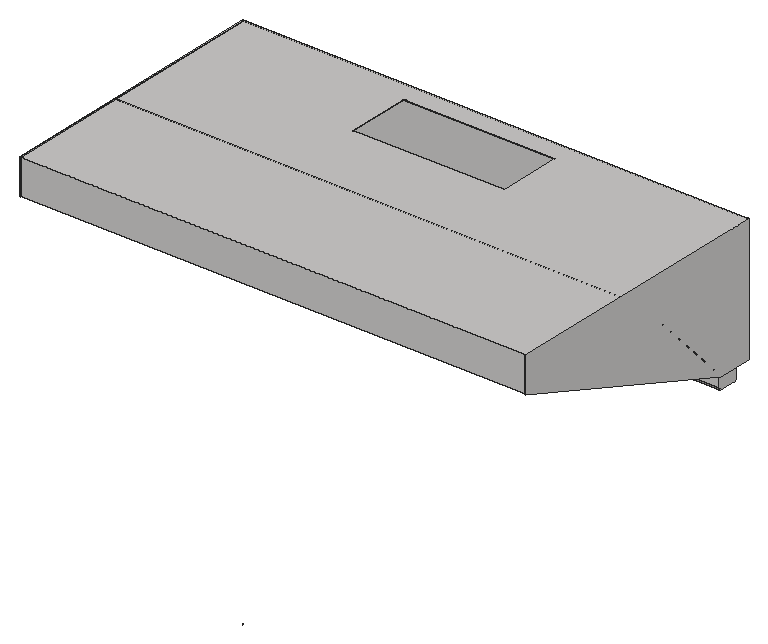
Revit family "QF_ELECTROLUXPROFESSIONAL_642091_MP1120DT", category Specialty Equipment, Revit 2014
Reference planes
  plane 1 "Center (Front/Back)": y = 0
  plane 2: z = 0
  plane 3 "Center (Left/Right)": x = 150
  plane 4 "LEFT": x = -850
  plane 5 "RIGHT": x = 1150
  plane 6 "BACK": y = 550
  plane 7 "FRONT": y = -550
  plane 8 "Plane": z = 2000
  plane 9 "TOP": z = 2140
  plane 10 "Base": z = 1640
  plane 11: z = 1566
  plane 12 "DrainY": y = 485
  plane 13: x = -847
  plane 14: through (0, 414.509, 1640.8) normal (0, 0.7314, 0.682)
  plane 15: y = 470
  plane 16: y = 220
  plane 17 "DrainX": x = 1030
  plane 18: x = -150
  plane 19: x = 450
  plane 20: x = 1147
  plane 21: x = 940
  plane 22: x = 1120
  plane 23: x = -810
  plane 24: x = 1110
  plane 25: x = -47.5
  plane 26: x = 347.5
Forms (mm)
  Extrusion 1, solid, material "QF_Finishes_Stainless Steel"
    sketch origin (-850, 0, 0) x (0, 1, 0) y (0, 0, 1)
      loop
        line (550, 1640) -> (550, 2140) -> (-550, 2140) -> (-550, 1999.112) -> (413.973, 1640) -> (550, 1640)
    from 0 to 3
  Extrusion 2, solid, material "QF_Finishes_Stainless Steel"
    sketch origin (150, 0, 0) x (0, 1, 0) y (0, 0, 1)
      loop
        line (415.255, 1640) -> (550, 1640) -> (550, 2139.19) -> (549.2, 2139.19) -> (549.2, 1640.8) -> (415.876, 1640.8) -> (339.347, 1722.867) -> (349.609, 1732.436) -> (348.927, 1733.167) -> (337.934, 1722.917) -> (415.255, 1640)
      loop
        line (-82.203, 2139.19) -> (-82.203, 2118.6) -> (-31.047, 2118.6) -> (34.354, 2048.466) -> (46.028, 2059.352) -> (45.346, 2060.083) -> (34.403, 2049.879) -> (-30.612, 2119.6) -> (-81.203, 2119.6) -> (-81.203, 2139.19) -> (-82.203, 2139.19)
    from -997 to 997
  Extrusion 3, solid, material "QF_Finishes_Stainless Steel"
    sketch origin (1150, 0, 0) x (0, 1, 0) y (0, 0, 1)
      loop
        line (550, 1640) -> (550, 2140) -> (-550, 2140) -> (-550, 1999.112) -> (413.973, 1640) -> (550, 1640)
    from 0 to -3
  Extrusion 4, solid, material "QF_Finishes_Stainless Steel"
    sketch origin (150, 0, 0) x (0, 1, 0) y (0, 0, 1)
      loop
        line (-550, 2140) -> (-550, 2000) -> (-549.2, 2000) -> (-549.2, 2139.19) -> (550, 2139.19) -> (550, 2140) -> (-550, 2140)
    from -1000 to 1000
  Extrusion 5, solid, material "QF_Finishes_Stainless Steel"
    sketch origin (150, 0, 0) x (0, 1, 0) y (0, 0, 1)
      loop
        line (534, 1640) -> (436, 1640) -> (436, 1627) -> (443.5, 1627) -> (443.5, 1576)
        arc (443.5, 1576) -> (446.429, 1568.929) -> (453.5, 1566) r 10
        line (453.5, 1566) -> (516.5, 1566)
        arc (516.5, 1566) -> (523.571, 1568.929) -> (526.5, 1576) r 10
        line (526.5, 1576) -> (526.5, 1627) -> (534, 1627) -> (534, 1640)
    from 790 to 970
  Extrusion 6, solid, material "QF_Finishes_Stainless Steel"
    sketch origin (0, 0, 1640) x (0, 1, 0) y (-1, 0, 0)
      loop
        circle (485, -1030) r 20
    from -76 to -74
  Extrusion 7, solid, material "QF_Finished_Chrome"
    sketch origin (150, 0, 0) x (0, 1, 0) y (0, 0, 1)
      loop
        line (337.934, 1722.917) -> (341.591, 1726.327) -> (38.011, 2051.876) -> (34.354, 2048.466) -> (337.934, 1722.917)
    from -197.5 to -960
  Extrusion 8, solid, material "QF_Finishes_Stainless Steel"
    sketch origin (150, 0, 0) x (0, 1, 0) y (0, 0, 1)
      loop
        line (337.934, 1722.917) -> (341.591, 1726.327) -> (38.011, 2051.876) -> (34.354, 2048.466) -> (337.934, 1722.917)
    from 997 to 960
  Extrusion 9, solid, material "QF_Finished_Chrome"
    sketch origin (150, 0, 0) x (0, 1, 0) y (0, 0, 1)
      loop
        line (341.588, 1726.324) -> (38.009, 2051.874) -> (34.354, 2048.466) -> (337.934, 1722.917) -> (341.588, 1726.324)
    from 197.5 to 960
  Extrusion 10, void
    sketch origin (0, 0, 2140) x (0, 1, 0) y (-1, 0, 0)
      loop
        line (470, -450) -> (470, 150) -> (220, 150) -> (220, -450) -> (470, -450)
    from 0 to -10
  Extrusion 11, solid, material "QF_Finishes_Stainless Steel"
    sketch origin (0, 0, 0) x (1, 0, 0) y (0, 1, 0)
      loop
        line (-850, 550) -> (-850, 549) -> (-849, 549) -> (-849, 550) -> (-850, 550)
    from 0 to 1
  Extrusion 12, solid, material "QF_Finishes_Stainless Steel"
    sketch origin (150, 0, 0) x (0, 1, 0) y (0, 0, 1)
      loop
        line (337.934, 1722.917) -> (341.591, 1726.327) -> (38.011, 2051.876) -> (34.354, 2048.466) -> (337.934, 1722.917)
    from -960 to -997
  Extrusion 13, solid, material "QF_Finishes_Stainless Steel"
    sketch origin (150, 0, 0) x (0, 1, 0) y (0, 0, 1)
      loop
        line (337.934, 1722.917) -> (341.591, 1726.327) -> (38.011, 2051.876) -> (34.354, 2048.466) -> (337.934, 1722.917)
    from 197.5 to -197.5
Cuts and joins
  Extrusion 10 cuts Extrusion 4
  joined: Extrusion 2, Extrusion 4
Lines and regions (mm)
  reference lines
    curve 1: line (150, 34.354, 2048.466) -> (150, 34.354, 1888.466)
  symbolic lines, style "SpecialityEquipment", detail levels coarse
    curve 2: line (1150, 550, 2140) -> (-850, 550, 2140)
    curve 3: line (-850, 550, 2140) -> (-850, -550, 2140)
    curve 4: line (1150, -550, 2140) -> (1150, 550, 2140)
    curve 5: line (-850, -550, 2140) -> (1150, -550, 2140)
    curve 6: line (450, 220, 2140) -> (-150, 220, 2140)
    curve 7: line (450, 470, 2140) -> (450, 220, 2140)
    curve 8: line (-150, 470, 2140) -> (450, 470, 2140)
    curve 9: line (-150, 220, 2140) -> (-150, 470, 2140)
    curve 10: line (-850, -550, 0) -> (1150, 550, 0)
    curve 11: line (-850, 550, 0) -> (1150, -550, 0)
Dimensions and locks
  plane 4 "LEFT" to plane 5 "RIGHT" = 2000 mm
  equal spacing: plane 4 "LEFT", plane 3 "Center (Left/Right)", plane 5 "RIGHT"
  locked: plane 8 "Plane" to level at 2000
  plane 9 "TOP" to plane 8 "Plane" = 140 mm
  locked: plane 9 "TOP" to plane 10 "Base" at 500
  plane 10 "Base" to plane 11 = 74 mm
  plane 6 "BACK" to plane 12 "DrainY" = 65 mm  (x2)
  plane 4 "LEFT" to plane 13 = 3 mm
  plane 6 "BACK" to plane 15 = 80 mm
  plane 15 to plane 16 = 250 mm  (x2)
  plane 17 "DrainX" to plane 5 "RIGHT" = 120 mm
  plane 20 to plane 5 "RIGHT" = 3 mm
  locked: plane 21 to plane 17 "DrainX" at 90
  locked: plane 17 "DrainX" to plane 22 at 90
  plane 6 "BACK" to plane 7 "FRONT" = 1100 mm  (x2)
  equal spacing: plane 6 "BACK", plane 1 "Center (Front/Back)", plane 7 "FRONT"
  plane 16 to plane 7 "FRONT" = 770 mm
  plane 15 to plane 6 "BACK" = 80 mm
  locked: plane 4 "LEFT" to plane 23 at 40
  locked: plane 24 to plane 5 "RIGHT" at 40
  locked: plane 25 to plane 26 at 395
  equal spacing: plane 25, plane 3 "Center (Left/Right)", plane 26
  locked: plane 18 to plane 19 at 600
  equal spacing: plane 18, plane 3 "Center (Left/Right)", plane 19
  aligned and locked: level to plane 2
  aligned and locked: Extrusion 2 to Extrusion 1
  aligned and locked: Extrusion 2 to Extrusion 3
  aligned and locked: plane 5 "RIGHT" to Extrusion 4
  aligned and locked: Extrusion 4 to plane 4 "LEFT"
  aligned and locked: plane 20 to Extrusion 8
  aligned and locked: Extrusion 10 to plane 18
  aligned and locked: Extrusion 10 to plane 16
  aligned and locked: Extrusion 10 to plane 15
  aligned and locked: Extrusion 2 to Extrusion 4
  aligned and locked: plane 22 to Extrusion 5
  aligned and locked: Extrusion 5 to plane 21
  aligned and locked: Extrusion 8 to plane 24
  aligned and locked: Extrusion 9 to plane 24
  aligned and locked: Extrusion 7 to plane 23
  aligned and locked: Extrusion 12 to plane 13
  aligned and locked: plane 23 to Extrusion 12
  aligned and locked: Extrusion 3 to plane 20
  aligned and locked: Extrusion 10 to plane 19
  aligned and locked: plane 19 to curve 7
  aligned and locked: plane 26 to Extrusion 13
  aligned and locked: Extrusion 13 to plane 25
  aligned and locked: Extrusion 9 to plane 26
Automatic sketch dimensions
  curve 5 to plane 5 "RIGHT" = 0 mm
  curve 5 to plane 7 "FRONT" = 0 mm
  curve 6 to plane 16 = 0 mm
  plane 15 to curve 8 = 0 mm
  curve 3 to plane 4 "LEFT" = 0 mm
  curve 3 to plane 6 "BACK" = 0 mm
  curve 6 to plane 18 = 0 mm
  Extrusion 1 sketch curve to plane 7 "FRONT" = 0 mm
  Extrusion 1 sketch curve to plane 10 "Base" = 0 mm
  Extrusion 1 sketch curve to plane 6 "BACK" = 0 mm
  Extrusion 1 sketch curve to plane 9 "TOP" = 0 mm
  plane 15 to Extrusion 1 sketch curve = 56.027 mm
  Extrusion 1 sketch curve to plane 8 "Plane" = 0.888 mm
  Extrusion 2 sketch curve to plane 14 = 0 mm  (x3)
  Extrusion 2 sketch curve to plane 10 "Base" = 0 mm
  plane 14 to Extrusion 2 sketch curve = 0 mm
  Extrusion 2 sketch curve to plane 6 "BACK" = 0 mm
  Extrusion 2 sketch curve to Extrusion 2 sketch curve = 65.646 mm
  Extrusion 2 sketch curve to Extrusion 2 sketch curve = 0.682 mm  (x2)
  Extrusion 2 sketch curve to Extrusion 2 sketch curve = 10.261 mm
  plane 10 "Base" to Extrusion 2 sketch curve = 82.917 mm
  Extrusion 2 sketch curve to plane 1 "Center (Front/Back)" = 46.028 mm
  Extrusion 2 sketch curve to Extrusion 2 sketch curve = 10.942 mm
  Extrusion 2 sketch curve to Extrusion 2 sketch curve = 0.049 mm
  Extrusion 2 sketch curve to plane 9 "TOP" = 20.4 mm
  Extrusion 2 sketch curve to plane 9 "TOP" = 21.4 mm
  Extrusion 2 sketch curve to plane 9 "TOP" = 0.81 mm  (x2)
  Extrusion 2 sketch curve to Extrusion 2 sketch curve = 50.156 mm
  Extrusion 2 sketch curve to Extrusion 2 sketch curve = 1 mm
  plane 10 "Base" to Extrusion 2 sketch curve = 0.8 mm
  Extrusion 2 sketch curve to plane 6 "BACK" = 0.8 mm
  Extrusion 3 sketch curve to plane 7 "FRONT" = 0 mm
  Extrusion 3 sketch curve to plane 10 "Base" = 0 mm
  Extrusion 3 sketch curve to plane 6 "BACK" = 0 mm
  Extrusion 3 sketch curve to plane 9 "TOP" = 0 mm
  plane 15 to Extrusion 3 sketch curve = 56.027 mm
  Extrusion 3 sketch curve to plane 8 "Plane" = 0.888 mm
  Extrusion 4 sketch curve to plane 7 "FRONT" = 0 mm
  Extrusion 4 sketch curve to plane 8 "Plane" = 0 mm
  Extrusion 4 sketch curve to plane 6 "BACK" = 0 mm
  Extrusion 4 sketch curve to plane 9 "TOP" = 0 mm
  plane 7 "FRONT" to Extrusion 4 sketch curve = 0.8 mm
  Extrusion 4 sketch curve to plane 9 "TOP" = 0.81 mm
  curve 1 to plane 14 = 0 mm
  curve 1 to plane 1 "Center (Front/Back)" = 34.354 mm
  curve 1 to plane 8 "Plane" = 111.534 mm
  Extrusion 5 sketch curve to plane 10 "Base" = 0 mm
  Extrusion 5 sketch curve to plane 11 = 0 mm
  Extrusion 5 sketch curve to plane 10 "Base" = 13 mm  (x2)
  plane 15 to Extrusion 5 sketch curve = 34 mm
  Extrusion 5 sketch curve to Extrusion 5 sketch curve = 7.5 mm  (x2)
  Extrusion 5 sketch curve to Extrusion 5 sketch curve = 10 mm
  plane 12 "DrainY" to Extrusion 5 sketch curve = 31.5 mm
  Extrusion 5 sketch curve to plane 6 "BACK" = 23.5 mm
  Extrusion 6 sketch curve to plane 12 "DrainY" = 0 mm
  Extrusion 6 sketch curve to plane 17 "DrainX" = 0 mm
  Extrusion 7 sketch curve to plane 14 = 0 mm  (x2)
  Extrusion 7 sketch curve to plane 1 "Center (Front/Back)" = 34.354 mm
  Extrusion 7 sketch curve to Extrusion 7 sketch curve = 3.657 mm
  plane 10 "Base" to Extrusion 7 sketch curve = 82.917 mm
  Extrusion 8 sketch curve to plane 14 = 0 mm  (x2)
  Extrusion 8 sketch curve to plane 1 "Center (Front/Back)" = 34.354 mm
  Extrusion 8 sketch curve to Extrusion 8 sketch curve = 3.657 mm
  plane 10 "Base" to Extrusion 8 sketch curve = 82.917 mm
  Extrusion 9 sketch curve to plane 14 = 0 mm  (x2)
  Extrusion 9 sketch curve to plane 1 "Center (Front/Back)" = 34.354 mm
  Extrusion 9 sketch curve to Extrusion 9 sketch curve = 3.655 mm
  plane 10 "Base" to Extrusion 9 sketch curve = 82.917 mm
  Extrusion 10 sketch curve to plane 16 = 0 mm
  plane 15 to Extrusion 10 sketch curve = 0 mm
  Extrusion 10 sketch curve to plane 19 = 0 mm
  Extrusion 10 sketch curve to plane 18 = 0 mm
  Extrusion 11 sketch curve to plane 4 "LEFT" = 0 mm
  Extrusion 11 sketch curve to plane 6 "BACK" = 0 mm
  plane 4 "LEFT" to Extrusion 11 sketch curve = 1 mm
  Extrusion 11 sketch curve to Extrusion 11 sketch curve = 1 mm
  Extrusion 12 sketch curve to plane 14 = 0 mm  (x2)
  Extrusion 12 sketch curve to plane 1 "Center (Front/Back)" = 34.354 mm
  Extrusion 12 sketch curve to Extrusion 12 sketch curve = 3.657 mm
  plane 10 "Base" to Extrusion 12 sketch curve = 82.917 mm
  Extrusion 13 sketch curve to plane 14 = 0 mm  (x2)
  Extrusion 13 sketch curve to plane 1 "Center (Front/Back)" = 34.354 mm
  Extrusion 13 sketch curve to Extrusion 13 sketch curve = 3.657 mm
  plane 10 "Base" to Extrusion 13 sketch curve = 82.917 mm
  curve 11 to plane 4 "LEFT" = 0 mm
  curve 10 to plane 4 "LEFT" = 0 mm
  curve 11 to plane 5 "RIGHT" = 0 mm
  curve 10 to plane 5 "RIGHT" = 0 mm
  curve 11 to plane 7 "FRONT" = 0 mm
  curve 10 to plane 7 "FRONT" = 0 mm
  curve 11 to plane 6 "BACK" = 0 mm
  curve 10 to plane 6 "BACK" = 0 mm
  radius of Extrusion 6 sketch curve = 20 mm
Connectors
  piping at (1030, 485, 1564), diameter 20
    settings: on Extrusion 6, index 1, connector inside diameter 609.6 mm, connector length 0 mm, flow factor 0, pipe flow 0.0 L/s, pressure drop 0.0 Pa, fitting loss kfactor 0, connector angle 0.00°, fixture units 0, engagement length 0 mm, angle of deflection 0.00°, flow configuration 1, flow direction 2, fitting loss method 0, system type 16, joint type 0, gender type 0, connector reference index -1, connector utility 0, adjustable connector no, is connector primary yes, connector description "Drain"
  hvac at (150, 345, 2140)
    settings: on Extrusion 10, index 2, duct flow 0.0 L/s, flow factor 0, pres drop 0.0 Pa, loss coef 0, conn angle 0.00°, conn width 250 mm, conn height 600 mm, conn diameter 609.6 mm, duct sys type 3, conn prof type 1, flow config 0, flow direction 2, loss method 0, conn ref index -1, conn util no, is conn primary yes, conn desc "EXHAUST OUTLET"
